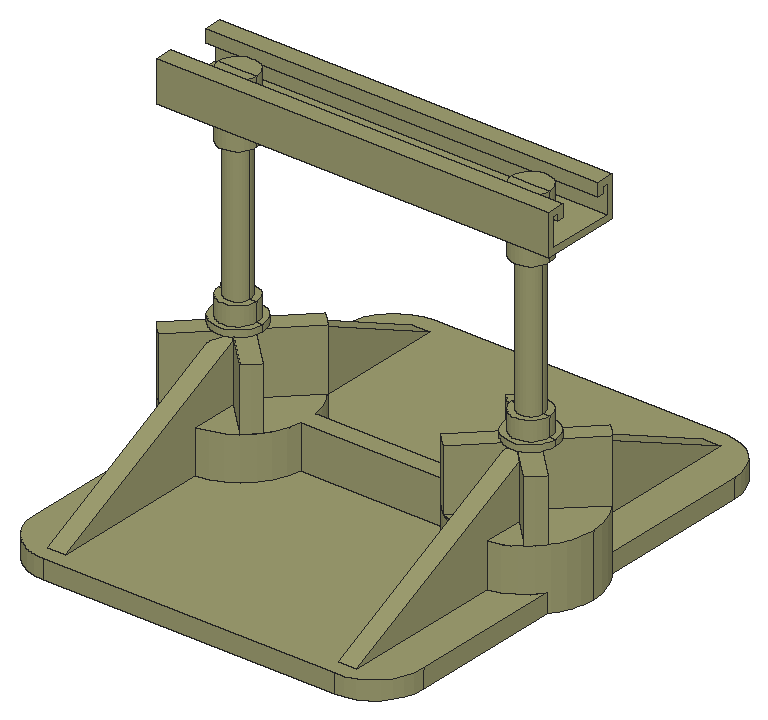
Revit family "Roof_PipeHangers_SS8", category Generic Models, Revit 2013
Parameters
  offset [instance] = 0 mm
  Warranty Duration (Years) = 0
  Unit Width = 200 mm
  Unit Height = 63.5 mm
  Unit Depth = 250 mm
  URL = ""
  Support Type [instance] = Support_Channel : Support_Channel
  Support Material = Support
  Revision = ""
  Model = ""
  Max Pipe Size = 88.9 mm
  Manufacturer = ""
  Maintenance Schedule (Months) = 0
  Keynote = ""
  Installation Phase = ""
  Expected Lifespan (Years) = 0
  Drawn By = ""
  Description = ""
  Default Elevation = 1200 mm
  Copyright = ""
  Assembly Code = ""
  Adjustment Height [instance] = 100 mm
  Adjustable = yes
Reference planes
  plane 1 "Center (Front/Back)": y = 0
  plane 2 "Bottom": z = 0
  plane 3 "Center (Left/Right)": x = 0
  plane 4 "Front": y = -125
  plane 5 "Back": y = 125
  plane 6 "Left": x = -100
  plane 7 "Right": x = 100
  plane 8 "Top": z = 63.5
  plane 9: z = 31.707
  plane 10: z = 9.512
  plane 11 "Brace_Lt": x = -74.627
  plane 12 "Brace_Rt": x = 74.627
Forms (mm)
  Extrusion 1, solid, material "Support" <- "Support Material"
    sketch origin (0, 0, 0) x (1, 0, 0) y (0, 1, 0)
      loop
        arc (-74.6, 125) -> (-92.561, 117.561) -> (-100, 99.6) r 25.4
        line (-100, 99.6) -> (-100, -99.6)
        arc (-100, -99.6) -> (-92.561, -117.561) -> (-74.6, -125) r 25.4
        line (-74.6, -125) -> (74.6, -125)
        arc (74.6, -125) -> (92.561, -117.561) -> (100, -99.6) r 25.4
        line (100, -99.6) -> (100, 99.6)
        arc (100, 99.6) -> (92.561, 117.561) -> (74.6, 125) r 25.4
        line (74.6, 125) -> (-74.6, 125)
    from 0 to 9.512
  Extrusion 2, solid, material "Support" <- "Support Material"
    sketch origin (0, 0, 0) x (1, 0, 0) y (0, 1, 0)
      loop
        circle (-73.027, 0) r 34.243
      loop
        circle (73.027, 0) r 34.243
    from 0 to 31.707
  Extrusion 3, solid, material "Support" <- "Support Material"
    sketch origin (134.088, -4572, 31.707) x (0, -1, 0) y (-1, 0, 0)
      loop
        arc (-4592.541, 234.514) -> (-4596.18, 231.363) -> (-4599.341, 227.734) r 34.243
        line (-4599.341, 227.734) -> (-4578.722, 207.116) -> (-4599.341, 186.498)
        arc (-4599.341, 186.498) -> (-4596.18, 182.868) -> (-4592.541, 179.717) r 34.243
        line (-4592.541, 179.717) -> (-4572, 200.519) -> (-4551.459, 179.717)
        arc (-4551.459, 179.717) -> (-4547.82, 182.868) -> (-4544.659, 186.498) r 34.243
        line (-4544.659, 186.498) -> (-4565.278, 207.116) -> (-4544.659, 227.734)
        arc (-4544.659, 227.734) -> (-4547.82, 231.363) -> (-4551.459, 234.514) r 34.243
        line (-4551.459, 234.514) -> (-4572, 213.713) -> (-4592.541, 234.514)
    from 0 to -31.793
  Extrusion 4, solid, material "Support" <- "Support Material"
    sketch origin (134.088, -4572, 31.707) x (0, -1, 0) y (-1, 0, 0)
      loop
        line (-4592.541, 33.663) -> (-4572, 54.464) -> (-4551.459, 33.663)
        arc (-4551.459, 33.663) -> (-4547.82, 36.814) -> (-4544.659, 40.443) r 34.243
        line (-4544.659, 40.443) -> (-4565.278, 61.061) -> (-4544.659, 81.679)
        arc (-4544.659, 81.679) -> (-4547.82, 85.309) -> (-4551.459, 88.46) r 34.243
        line (-4551.459, 88.46) -> (-4572, 67.658) -> (-4592.541, 88.46)
        arc (-4592.541, 88.46) -> (-4596.18, 85.309) -> (-4599.341, 81.679) r 34.243
        line (-4599.341, 81.679) -> (-4578.722, 61.061) -> (-4599.341, 40.443)
        arc (-4599.341, 40.443) -> (-4596.18, 36.814) -> (-4592.541, 33.663) r 34.243
    from 0 to -31.793
  Extrusion 5, solid, material "Support" <- "Support Material"
    sketch origin (141.287, -4572, 9.512) x (0, -1, 0) y (-1, 0, 0)
      loop
        line (-4576.762, 205.021) -> (-4576.762, 90.398) -> (-4567.238, 90.398) -> (-4567.238, 205.021) -> (-4576.762, 205.021)
    from 0 to -22.195
  Extrusion 6, solid, material "Support" <- "Support Material"
    sketch origin (74.627, 0, 1219.2) x (0, -1, 0) y (0, 0, 1)
      loop
        line (-116.688, -1209.688) -> (116.688, -1209.688) -> (3.186, -1155.7) -> (-3.186, -1155.7) -> (-116.688, -1209.688)
    from -4.763 to 4.763
  Extrusion 7, solid, material "Support" <- "Support Material"
    sketch origin (-74.627, 0, 0) x (0, -1, 0) y (0, 0, 1)
      loop
        line (-116.688, 9.512) -> (116.688, 9.512) -> (3.186, 63.5) -> (-3.186, 63.5) -> (-116.688, 9.512)
    from -4.763 to 4.763
Cuts and joins
  joined: Extrusion 1, Extrusion 2, Extrusion 3, Extrusion 4, Extrusion 5, Extrusion 6, Extrusion 7
Dimensions and locks
  equal spacing: plane 5 "Back", plane 1 "Center (Front/Back)", plane 4 "Front"
  "Unit Depth": plane 5 "Back" to plane 4 "Front"
  equal spacing: plane 6 "Left", plane 3 "Center (Left/Right)", plane 7 "Right"
  "Unit Width": plane 6 "Left" to plane 7 "Right"
  "Unit Height": plane 8 "Top" to level
  aligned and locked: plane 8 "Top" to Extrusion 4
  aligned and locked: plane 8 "Top" to Extrusion 3
  aligned and locked: Extrusion 1 to plane 10
  aligned and locked: Extrusion 5 to plane 9
  aligned and locked: Extrusion 2 to plane 9
  aligned and locked: plane 1 "Center (Front/Back)" to nested 1
  aligned and locked: plane 3 "Center (Left/Right)" to nested 1
Automatic sketch dimensions
  Extrusion 1 sketch curve to plane 6 "Left" = 0 mm
  Extrusion 1 sketch curve to plane 4 "Front" = 0 mm
  Extrusion 1 sketch curve to plane 5 "Back" = 0 mm
  Extrusion 1 sketch curve to plane 7 "Right" = 0 mm
  plane 6 "Left" to Extrusion 1 sketch curve = 25.4 mm  (x2)
  Extrusion 1 sketch curve to plane 7 "Right" = 25.4 mm  (x2)
  Extrusion 2 sketch curve to plane 1 "Center (Front/Back)" = 0 mm  (x2)
  plane 6 "Left" to Extrusion 2 sketch curve = 26.973 mm
  Extrusion 2 sketch curve to plane 7 "Right" = 26.973 mm
  Extrusion 4 sketch curve to Extrusion 4 sketch curve = 0 mm  (x14)
  Extrusion 4 sketch curve to plane 1 "Center (Front/Back)" = 0 mm  (x3)
  Extrusion 4 sketch curve to plane 1 "Center (Front/Back)" = 6.722 mm
  plane 7 "Right" to Extrusion 4 sketch curve = 0.426 mm  (x2)
  Extrusion 4 sketch curve to plane 1 "Center (Front/Back)" = 20.541 mm  (x2)
  Extrusion 4 sketch curve to Extrusion 4 sketch curve = 6.799 mm  (x3)
  Extrusion 4 sketch curve to plane 7 "Right" = 6.355 mm  (x2)
  Extrusion 4 sketch curve to Extrusion 4 sketch curve = 6.722 mm
  plane 1 "Center (Front/Back)" to Extrusion 4 sketch curve = 20.541 mm  (x2)
  Extrusion 4 sketch curve to Extrusion 4 sketch curve = 6.597 mm  (x2)
  Extrusion 3 sketch curve to Extrusion 3 sketch curve = 0 mm  (x14)
  Extrusion 3 sketch curve to plane 1 "Center (Front/Back)" = 0 mm  (x3)
  Extrusion 3 sketch curve to plane 1 "Center (Front/Back)" = 6.722 mm
  Extrusion 3 sketch curve to plane 6 "Left" = 0.426 mm  (x2)
  Extrusion 3 sketch curve to plane 1 "Center (Front/Back)" = 20.541 mm  (x2)
  Extrusion 3 sketch curve to Extrusion 3 sketch curve = 6.799 mm  (x3)
  plane 6 "Left" to Extrusion 3 sketch curve = 6.355 mm  (x2)
  Extrusion 3 sketch curve to Extrusion 3 sketch curve = 6.722 mm
  plane 1 "Center (Front/Back)" to Extrusion 3 sketch curve = 20.541 mm  (x2)
  Extrusion 3 sketch curve to Extrusion 3 sketch curve = 6.597 mm  (x2)
  Extrusion 5 sketch curve to plane 1 "Center (Front/Back)" = 4.762 mm
  plane 1 "Center (Front/Back)" to Extrusion 5 sketch curve = 4.762 mm
  plane 6 "Left" to Extrusion 5 sketch curve = 36.266 mm
  Extrusion 5 sketch curve to plane 7 "Right" = 49.112 mm
  Extrusion 6 sketch curve to plane 10 = 0 mm
  Extrusion 6 sketch curve to plane 5 "Back" = 8.312 mm
  Extrusion 6 sketch curve to plane 8 "Top" = 0 mm
  Extrusion 6 sketch curve to plane 1 "Center (Front/Back)" = 3.186 mm
  plane 1 "Center (Front/Back)" to Extrusion 6 sketch curve = 3.186 mm
  plane 4 "Front" to Extrusion 6 sketch curve = 8.312 mm
  Extrusion 7 sketch curve to plane 10 = 0 mm
  Extrusion 7 sketch curve to plane 8 "Top" = 0 mm
  Extrusion 7 sketch curve to plane 5 "Back" = 8.312 mm
  Extrusion 7 sketch curve to plane 1 "Center (Front/Back)" = 3.186 mm
  plane 1 "Center (Front/Back)" to Extrusion 7 sketch curve = 3.186 mm
  plane 4 "Front" to Extrusion 7 sketch curve = 8.312 mm
  radius of Extrusion 2 sketch curve = 34.243 mm  (x2)
Nested families
  nested 1: "Support_Channel" at (0, 0, 63.5), Adjustable <- "Adjustable", Adjustment Height <- "Adjustment Height", type <- "Support Type", type "Support_Channel"
    with offset 0 mm, Material Support, Adjustment Height 100 mm, Adjustable yes, AAH 100 mm, Hanger no, Channel Overhang 25.4 mm
Definition of nested family "Support_Channel"
  Parameters
    offset [instance] = 0 mm
    Warranty Duration (Years) = 0
    Unit Width = 203.2 mm
    Unit Height = 127 mm
    Unit Depth = 254 mm
    URL = "http://www.phpsd.com/"
    Test Data = "http://www.phpsd.com/test_data.htm"
    Specification = "http://www.arcat.com/sd/clients/portpipe.html?coid=38679"
    Send Message = "http://www.arcat.com/users.pl?action=UserEmail&company=PHP%20Systems/Design&coid=38679&rep=108&fax=713-672-7986&mf="
    Sales Information = "http://www.phpsd.com/quote_request.htm"
    Revision = "R1_03-2010"
    Product Properties = "http://www.arcat.com/bim/bim_info.pl?fn="
    Product Data = "http://www.arcat.com/arcatcos/cos38/arc38679.html"
    Model = "As Specified in 21 05 29"
    Max Pipe Size = 0 mm
    Material [instance] = none
    Manufacturer Website = "http://www.phpsd.com/"
    Manufacturer Phone - Toll Free = "800-797-6585 "
    Manufacturer Phone = "713-672-5088 "
    Manufacturer Fax = "713-672-7986"
    Manufacturer Address = "5534 Harvey Wilson Dr., Houston, TX 77020"
    Manufacturer = "PHP Systems"
    Maintenance Schedule (Months) = 0
    Keynote = "21 05 29"
    Installation-Fabrication = "http://www.phpsd.com/help_me_decide.htm"
    Installation Phase = ""
    Hanger = yes
    Green Building-LEED = "http://www.arcat.com/green/clients/leed_data_38679.html"
    Expected Lifespan (Years) = 0
    Engineering Data = "http://www.phpsd.com/engineering_tables.htm"
    Drawn By = "Robert S. Weygant, CSI, CDT, SCIP"
    Description = "Rooftop Equipment as Specified in 21 05 29"
    Default Elevation = 1219.2 mm
    Copyright = "2010, ARCAT, Inc"
    Construction Details = "http://www.arcat.com/details/portpipe/portpipe.html?coid=38679"
    Channel Overhang = 76.2 mm
    Assembly Code = "D3090700"
    Adjustment Height [instance] = 127 mm
    Adjustable [instance] = yes
    AAH [instance] = if(Adjustable, if(Adjustment Height > 31.75 mm, Adjustment Height, 31.75 mm), 0 mm)  # 127 mm
  Reference planes
    plane 1 "Center (Front/Back)": y = 0
    plane 2 "Bottom": z = 0
    plane 3 "Center (Left/Right)": x = 0
    plane 4: z = 127
    plane 5: x = -75.12
    plane 6: x = 75.12
    plane 7: x = -151.32
    plane 8: x = 151.32
    plane 9: z = -12.7
  Forms (mm)
    Revolve 1, solid, material <- "Material", visible <- "Adjustable", detail levels medium+fine
      sketch origin (0, 0, 0) x (1, 0, 0) y (0, 0, 1)
        loop
          line (-75.12, 12.769) -> (-75.12, 0) -> (-62.437, 0) -> (-62.437, 3.171) -> (-65.351, 3.171) -> (-65.351, 12.769) -> (-75.12, 12.769)
        axis (-75.12, 12.769) -> (-75.12, 0)
      angle from 0 to 360
    Revolve 2, solid, material <- "Material", visible <- "Adjustable", detail levels medium+fine
      sketch origin (0, 0, 0) x (-1, 0, 0) y (0, 0, 1)
        loop
          line (-75.12, 12.769) -> (-75.12, 0) -> (-62.437, 0) -> (-62.437, 3.171) -> (-65.351, 3.171) -> (-65.351, 12.769) -> (-75.12, 12.769)
        axis (-75.12, 12.769) -> (-75.12, 0)
      angle from 0 to 360
    Revolve 3, solid, material <- "Material", visible <- "Adjustable", detail levels medium+fine
      sketch origin (0, 0, 79.81) x (-1, 0, 0) y (0, 0, 1)
        loop
          line (-65.351, 43.533) -> (-61.873, 43.533) -> (-61.873, 47.19) -> (-75.12, 47.19) -> (-75.12, 30.84) -> (-65.351, 30.84) -> (-65.351, 43.533)
        axis (-75.12, 47.19) -> (-75.12, 30.84)
      angle from 0 to 360
    Extrusion 4, solid, material <- "Material", visible <- "Adjustable", detail levels medium+fine
      sketch origin (0, 0, 0) x (1, 0, 0) y (0, 1, 0)
        loop
          circle (-75.12, 0) r 6.35
        loop
          circle (75.12, 0) r 6.35
      from 12.769 to 110.65
    Revolve 5, solid, material <- "Material", visible <- "Adjustable", detail levels medium+fine
      sketch origin (0, 0, 79.81) x (1, 0, 0) y (0, 0, 1)
        loop
          line (-65.351, 43.533) -> (-61.873, 43.533) -> (-61.873, 47.19) -> (-75.12, 47.19) -> (-75.12, 30.84) -> (-65.351, 30.84) -> (-65.351, 43.533)
        axis (-75.12, 47.19) -> (-75.12, 30.84)
      angle from 0 to 360
    Extrusion 6, solid, material <- "Material"
      sketch origin (0, 0, 0) x (0, 1, 0) y (0, 0, 1)
        loop
          line (20.509, 127) -> (20.509, 147.653) -> (10.972, 147.653) -> (10.972, 141.27) -> (14.127, 141.27) -> (14.127, 144.426) -> (17.354, 144.426) -> (17.354, 130.155) -> (-17.354, 130.155) -> (-17.354, 144.426) -> (-14.127, 144.426) -> (-14.127, 141.27) -> (-10.972, 141.27) -> (-10.972, 147.653) -> (-20.509, 147.653) -> (-20.509, 127) -> (20.509, 127)
      from -151.32 to 151.32
    Revolve 7, solid, material <- "Material", detail levels medium+fine
      sketch origin (0, 0, 72.59) x (-1, 0, 0) y (0, 0, -1)
        loop
          line (-75.12, -57.565) -> (-75.12, -70.76) -> (-65.351, -70.76) -> (-65.351, -57.565) -> (-75.12, -57.565)
        axis (-75.12, -57.565) -> (-75.12, -70.76)
      angle from 0 to 360
    Revolve 8, solid, material <- "Material", detail levels medium+fine
      sketch origin (0, 0, 72.59) x (1, 0, 0) y (0, 0, -1)
        loop
          line (-75.12, -57.565) -> (-75.12, -70.76) -> (-65.351, -70.76) -> (-65.351, -57.565) -> (-75.12, -57.565)
        axis (-75.12, -57.565) -> (-75.12, -70.76)
      angle from 0 to 360
    Extrusion 9, solid, material <- "Material", visible <- "Hanger"
      sketch origin (-93.116, -4572, 127) x (-1, 0, 0) y (0, -1, 0)
        loop
          circle (-93.116, -4572) r 4.763
      from 28.575 to -31.75
    Revolve 10, solid, material <- "Material", visible <- "Hanger", detail levels medium+fine
      sketch origin (-51.345, 0, 43.858) x (-1, 0, 0) y (0, 0, 1)
        loop
          line (-45.028, 51.392) -> (-51.345, 51.392) -> (-51.345, 25.119) -> (-42.041, 25.119) -> (-42.041, 28.695) -> (-45.028, 28.695) -> (-45.028, 51.392)
        axis (-51.345, 51.392) -> (-51.345, 25.119)
      angle from 0 to 360
    Revolve 11, solid, material <- "Material", visible <- "Hanger", detail levels medium+fine
      sketch origin (-51.345, 0, 67.641) x (-1, 0, 0) y (0, 0, 1)
        loop
          line (-51.345, 52.123) -> (-44.109, 52.123) -> (-44.109, 59.359) -> (-51.345, 59.359) -> (-51.345, 52.123)
        axis (-51.345, 59.359) -> (-51.345, 52.123)
      angle from 0 to 360
    Extrusion 12, solid, material <- "Material", visible <- "Hanger"
      sketch origin (0, 0, 0) x (1, 0, 0) y (0, 0, 1)
        loop
          arc (-37.537, -0.144) -> (-0.1, -50.354) -> (37.885, -0.557) r 39.223
          line (37.885, -0.557) -> (15.967, 77.722) -> (-14.812, 77.722) -> (-37.537, -0.144)
        loop
          line (-13.014, 72.553) -> (-34.489, -1.033)
          arc (-34.489, -1.033) -> (-0.082, -47.18) -> (34.827, -1.413) r 36.048
          line (34.827, -1.413) -> (14.117, 72.553) -> (-13.014, 72.553)
      from 9.525 to -9.525
  Dimensions and locks
    "AAH": plane 4 to level
    locked: plane 4 to Extrusion 4 at 16.35
    "Channel Overhang": plane 8 to plane 6
    "Channel Overhang": plane 5 to plane 7
    locked: plane 4 to plane 9 at 139.7
    aligned and locked: Extrusion 6 to plane 8
    aligned and locked: Extrusion 6 to plane 7
  Automatic sketch dimensions
    Revolve 1 sketch curve to plane 5 = 0 mm  (x2)
    Revolve 1 sketch curve to level = 0 mm
    plane 5 to Revolve 1 sketch curve = 9.769 mm
    Revolve 1 sketch curve to Revolve 1 sketch curve = 2.914 mm
    Revolve 1 sketch curve to level = 5.019 mm
    Revolve 1 sketch curve to Revolve 1 sketch curve = 3.171 mm
    Revolve 1 sketch curve to Revolve 1 sketch curve = 9.598 mm
    Revolve 1 sketch curve to Revolve 1 sketch curve = 0 mm
    Revolve 2 sketch curve to plane 6 = 0 mm  (x2)
    Revolve 2 sketch curve to level = 0 mm
    Revolve 2 sketch curve to Revolve 2 sketch curve = 9.769 mm
    Revolve 2 sketch curve to Revolve 2 sketch curve = 2.914 mm
    level to Revolve 2 sketch curve = 5.019 mm
    Revolve 2 sketch curve to Revolve 2 sketch curve = 3.171 mm
    Revolve 2 sketch curve to Revolve 2 sketch curve = 9.598 mm
    Revolve 2 sketch curve to Revolve 2 sketch curve = 0 mm
    Revolve 3 sketch curve to plane 6 = 0 mm  (x2)
    Revolve 3 sketch curve to plane 4 = 0 mm
    plane 6 to Revolve 3 sketch curve = 9.769 mm
    Revolve 3 sketch curve to Revolve 3 sketch curve = 3.478 mm
    plane 4 to Revolve 3 sketch curve = 3.657 mm
    Revolve 3 sketch curve to Revolve 3 sketch curve = 12.693 mm
    Revolve 3 sketch curve to Revolve 3 sketch curve = 14.864 mm
    Revolve 3 sketch curve to Revolve 3 sketch curve = 7.771 mm
    Extrusion 4 sketch curve to plane 1 "Center (Front/Back)" = 0 mm  (x2)
    Extrusion 4 sketch curve to plane 5 = 0 mm
    Extrusion 4 sketch curve to plane 6 = 0 mm
    Revolve 5 sketch curve to plane 5 = 0 mm  (x2)
    Revolve 5 sketch curve to plane 4 = 0 mm
    plane 5 to Revolve 5 sketch curve = 9.769 mm
    Revolve 5 sketch curve to Revolve 5 sketch curve = 3.478 mm
    Revolve 5 sketch curve to plane 4 = 3.657 mm
    Revolve 5 sketch curve to Revolve 5 sketch curve = 12.693 mm
    Revolve 5 sketch curve to Revolve 5 sketch curve = 14.864 mm
    plane 4 to Revolve 5 sketch curve = 7.771 mm
    Extrusion 6 sketch curve to plane 4 = 0 mm
    plane 1 "Center (Front/Back)" to Extrusion 6 sketch curve = 20.509 mm
    Extrusion 6 sketch curve to Extrusion 6 sketch curve = 3.155 mm  (x6)
    Extrusion 6 sketch curve to Extrusion 6 sketch curve = 3.227 mm  (x4)
    Extrusion 6 sketch curve to plane 1 "Center (Front/Back)" = 10.972 mm
    plane 4 to Extrusion 6 sketch curve = 3.155 mm
    Extrusion 6 sketch curve to Extrusion 6 sketch curve = 11.115 mm  (x2)
    Revolve 7 sketch curve to plane 6 = 0 mm  (x2)
    plane 4 to Revolve 7 sketch curve = 3.155 mm
    Revolve 7 sketch curve to Revolve 7 sketch curve = 9.769 mm
    Revolve 7 sketch curve to Revolve 7 sketch curve = 13.195 mm
    Revolve 7 sketch curve to Revolve 7 sketch curve = 14.864 mm
    Revolve 7 sketch curve to plane 4 = 7.771 mm
    Revolve 8 sketch curve to plane 5 = 0 mm  (x2)
    Revolve 8 sketch curve to plane 4 = 3.155 mm
    Revolve 8 sketch curve to Revolve 8 sketch curve = 9.769 mm
    Revolve 8 sketch curve to Revolve 8 sketch curve = 13.195 mm
    Revolve 8 sketch curve to Revolve 8 sketch curve = 14.864 mm
    plane 4 to Revolve 8 sketch curve = 7.771 mm
    Extrusion 9 sketch curve to plane 1 "Center (Front/Back)" = 0 mm
    Extrusion 9 sketch curve to plane 3 "Center (Left/Right)" = 0 mm
    Revolve 10 sketch curve to plane 3 "Center (Left/Right)" = 0 mm  (x2)
    Revolve 10 sketch curve to Revolve 10 sketch curve = 6.318 mm
    Revolve 10 sketch curve to Revolve 10 sketch curve = 2.987 mm
    Revolve 10 sketch curve to plane 9 = 69.615 mm
    Revolve 10 sketch curve to Revolve 10 sketch curve = 12.062 mm
    Revolve 10 sketch curve to Revolve 10 sketch curve = 3.577 mm
    Revolve 10 sketch curve to Revolve 10 sketch curve = 22.697 mm
    Revolve 10 sketch curve to Revolve 10 sketch curve = 0.65 mm
    Revolve 11 sketch curve to plane 3 "Center (Left/Right)" = 0 mm  (x2)
    Revolve 11 sketch curve to plane 4 = 0 mm
    Revolve 11 sketch curve to Revolve 11 sketch curve = 7.237 mm
    plane 4 to Revolve 11 sketch curve = 7.237 mm
    Revolve 11 sketch curve to Revolve 11 sketch curve = 0.081 mm
    Revolve 11 sketch curve to Revolve 11 sketch curve = 38.985 mm
    Extrusion 12 sketch curve to Extrusion 12 sketch curve = 0 mm  (x2)
    plane 9 to Extrusion 12 sketch curve = 12.556 mm
    Extrusion 12 sketch curve to plane 3 "Center (Left/Right)" = 37.537 mm
    plane 9 to Extrusion 12 sketch curve = 11.667 mm
    Extrusion 12 sketch curve to Extrusion 12 sketch curve = 3.048 mm
    Extrusion 12 sketch curve to plane 3 "Center (Left/Right)" = 14.812 mm
    Extrusion 12 sketch curve to Extrusion 12 sketch curve = 1.799 mm
    plane 3 "Center (Left/Right)" to Extrusion 12 sketch curve = 0.115 mm
    plane 3 "Center (Left/Right)" to Extrusion 12 sketch curve = 14.117 mm
    Extrusion 12 sketch curve to Extrusion 12 sketch curve = 1.85 mm
    plane 9 to Extrusion 12 sketch curve = 11.287 mm
    plane 3 "Center (Left/Right)" to Extrusion 12 sketch curve = 34.827 mm
    plane 9 to Extrusion 12 sketch curve = 12.143 mm
    Extrusion 12 sketch curve to plane 4 = 54.447 mm
    Extrusion 12 sketch curve to Extrusion 12 sketch curve = 5.169 mm
    radius of Extrusion 4 sketch curve = 6.35 mm  (x2)
    radius of Extrusion 9 sketch curve = 4.763 mm
